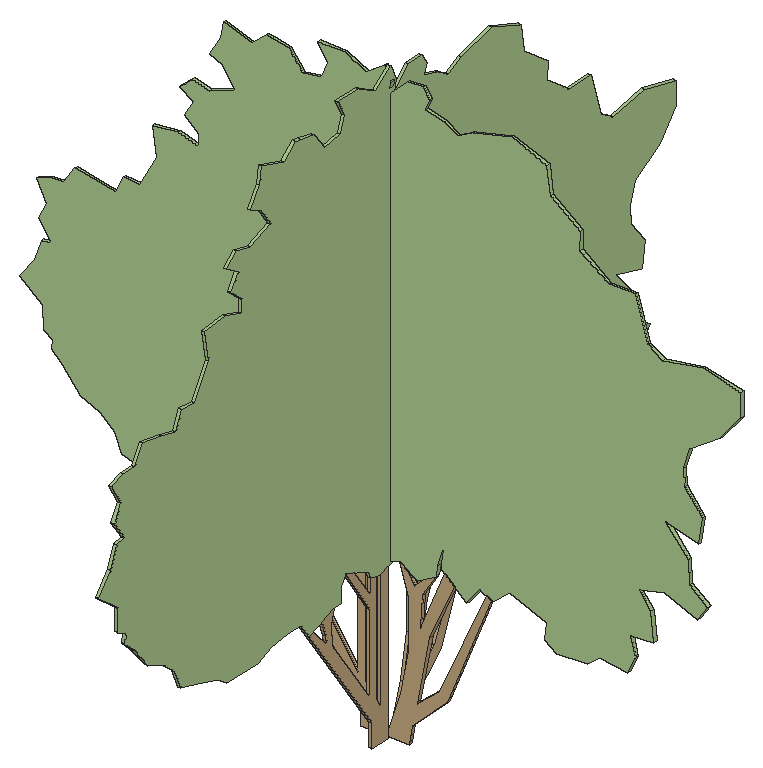
Revit family "L-PL낙엽관목_활매화", category 수목, Revit 2019
Family settings
  OmniClass 번호 = 23.40.05.00
  OmniClass 제목 = Plants and Planting Products
  작업 기준면 기반 = 아니오
  항상 수직 = 예
  로드될 때 보이드를 사용하여 절단 = 아니오
  렌더 모양 소스 = 패밀리 형상
  공유 = 아니오
Parameters (values of type "황매화")
  한국산업규격KS = ""
  조달청표준공사코드-세부공종 = "10161599202809"
  높이 = 1000 mm
  건설정보분류체계-부위분류 = "E985"
  LIM_INFO_주의사항 = "재배포, 재가공, 판매 금지"
  LIM_INFO_제작일 = "20211210"
  LIM_INFO_버전 = "2022_V01"
  LIM_INFO_PL_학명 = "Quercus myrsinaefolia Bl."
  LIM_INFO_PL_품명 = "가시나무"
  LIM_INFO_PL_주당인정수량 = 0
  LIM_INFO_PL_수목단위 = "주"
  LIM_INFO_PL_규격 = "5.0H X 18R"
  LIM_INFO_PL_구분 = "상록교목"
  LIM_INFO_PL_가격 = 0
  LIM_INFO_PL_Qty [instance] = 0
  LIM_INFO_PL_M2당수량 = 0
  KBIMS_식별-버전 = ""
  KBIMS_식별-bSK등록번호 = ""
  KBIMS_보급정보-저작자 = "림인포테크_MMJ"
  KBIMS_보급정보-보급코드 = ""
Reference planes
  plane 1 "중심(앞/뒤)": y = 0
  plane 2: z = 0
  plane 3 "중심(왼쪽/오른쪽)": x = 0
  plane 4: x = 482.5
  plane 5: x = -607.5
  plane 6: z = -545
  plane 7: z = -817.5
  plane 8: z = 5000
  plane 9: x = -100
  plane 10: x = 100
Dimensions and locks
  plane 4 to plane 5 = 1090 mm
  plane 6 to level = 545 mm
  plane 7 to plane 6 = 272.5 mm
  locked: level to plane 8 at 5000
  plane 9 to plane 10 = 200 mm
  aligned and locked: level to plane 2
Nested families
  nested 1: "황매화_base" at (0, 0, 0), type "황매화_base"
Definition of nested family "황매화_base"
  Parameters (values of type "황매화_base")
    Height = 6000 mm
  Reference planes
    plane 1 "중심(앞/뒤)": y = 0
    plane 2: z = 0
    plane 3 "중심(왼쪽/오른쪽)": x = 0
  Forms (mm)
    Revolve 1, solid, detail levels coarse
      sketch origin (0, 0, 0) x (1, 0, 0) y (0, 0, 1)
        loop
          line (0.01, 0) -> (0.01, 600) -> (-339.99, 600)
          arc (-339.99, 600) -> (-453.127, 553.137) -> (-499.99, 440) r 160
          line (-499.99, 440) -> (-499.99, 140)
          arc (-499.99, 140) -> (-476.558, 83.431) -> (-419.99, 60) r 80
          line (-419.99, 60) -> (-158.625, 60) -> (-158.625, 0) -> (0.01, 0)
        axis (0.01, 600) -> (0.01, 0)
      angle from 0 to 360
    Extrusion 2, solid, detail levels fine
      sketch origin (0, 0, 0) x (1, 0, 0) y (0, 0, 1)
        loop
          line (20.605, 261.875) -> (49.579, 244.397) -> (81.202, 261.992) -> (83.241, 278.848) -> (91.268, 302.472) -> (88.953, 273.937) -> (130.955, 240.516) -> (152.038, 267.012) -> (173.042, 257.292) -> (199.703, 279.17) -> (261.519, 257.153) -> (257.966, 230.874) -> (277.151, 218.09) -> (328.309, 220.221) -> (347.493, 235.846) -> (393.677, 230.874) -> (405.756, 256.443) -> (398.651, 286.272) -> (436.309, 289.823) -> (431.335, 333.857) -> (412.862, 358.715) -> (453.362, 368.658) -> (508.072, 348.772) -> (524.415, 372.209) -> (494.572, 394.936) -> (493.151, 431.158) -> (456.204, 473.771) -> (509.493, 459.567) -> (515.888, 500.05) -> (486.046, 535.561) -> (484.625, 562.549) -> (495.283, 594.509) -> (545.02, 627.18) -> (578.225, 668.596) -> (578.225, 705.477) -> (515.784, 719.662) -> (451.215, 708.314) -> (425.672, 723.208) -> (405.804, 789.168) -> (361.812, 788.459) -> (315.691, 821.084) -> (316.401, 849.454) -> (267.442, 884.916) -> (261.056, 926.762) -> (203.582, 948.039) -> (140.432, 931.726) -> (114.889, 918.96) -> (92.893, 931.017) -> (63.091, 939.528) -> (69.477, 954.422) -> (59.544, 970.735) -> (33.29, 969.316) -> (2.78, 939.528) -> (6.328, 958.678) -> (-2.897, 981.374) -> (-34.826, 959.387) -> (-69.594, 977.118) -> (-112.877, 977.118) -> (-97.267, 951.585) -> (-106.491, 927.471) -> (-138.421, 921.797) -> (-161.126, 950.167) -> (-187.38, 955.131) -> (-197.313, 956.55) -> (-221.438, 936.691) -> (-267.559, 951.585) -> (-271.816, 926.052) -> (-289.555, 896.973) -> (-268.978, 887.753) -> (-249.091, 857.943) -> (-290.018, 843.131) -> (-318.244, 849.479) -> (-339.414, 831.845) -> (-315.422, 817.033) -> (-330.946, 793.756) -> (-307.659, 774.007) -> (-307.659, 754.257) -> (-341.531, 764.132) -> (-383.164, 759.194) -> (-376.107, 714.052) -> (-405.039, 664.678) -> (-431.148, 666.794) -> (-443.85, 639.991) -> (-471.37, 645.634) -> (-510.181, 651.982) -> (-527.822, 625.179) -> (-548.991, 623.768) -> (-572.983, 615.304) -> (-556.048, 584.268) -> (-568.749, 558.876) -> (-547.58, 529.957) -> (-564.516, 527.135) -> (-576.512, 494.689) -> (-599.798, 463.654) -> (-562.399, 433.324) -> (-560.987, 397.352) -> (-546.169, 388.182) -> (-548.286, 374.075) -> (-529.939, 357.852) -> (-500.249, 322.316) -> (-469.2, 309.62) -> (-445.208, 289.165) -> (-433.212, 260.246) -> (-397.93, 250.371) -> (-357.708, 238.38) -> (-337.95, 225.684) -> (-275.147, 225.684) -> (-249.038, 237.674) -> (-214.294, 242.639) -> (-187.479, 242.639) -> (-170.696, 218.826) -> (-117.598, 239.156) -> (-106.353, 239.156) -> (-106.353, 264.294) -> (-96.744, 279.235) -> (-47.862, 261.187) -> (-44.471, 250.171) -> (-34.299, 247.629) -> (-23.278, 245.652) -> (-9.967, 251.993) -> (20.605, 261.875)
      from 0 to 5
    Extrusion 3, solid, detail levels fine
      sketch origin (0, 0, 0) x (1, 0, 0) y (0, 0, 1)
        loop
          line (-34.299, 69.688) -> (-34.299, 247.629) -> (-44.471, 250.171) -> (-44.188, 224.469) -> (-79.227, 272.767) -> (-95.248, 278.682) -> (-47.297, 205.262) -> (-47.297, 76.466) -> (-123.59, 185.773) -> (-126.698, 217.972) -> (-119.62, 238.382) -> (-145.63, 228.423) -> (-136.871, 205.545) -> (-134.61, 191.422) -> (-162.072, 222.128) -> (-170.696, 218.826) -> (-42.821, 37.383) -> (-42.821, 0) -> (-9.967, 0) -> (-9.967, 251.993) -> (-23.278, 245.652) -> (-24.126, 51.046) -> (-34.299, 69.688)
        loop
          line (170.856, 258.303) -> (163.061, 261.911) -> (85.917, 95.208) -> (49.797, 64.452) -> (70.309, 168.753) -> (110.514, 256.78) -> (94.25, 269.722) -> (54.689, 176.908) -> (57.759, 226.285) -> (81.202, 261.992) -> (59.611, 249.979) -> (44.76, 235.73) -> (35.092, 253.136) -> (20.605, 261.875) -> (35.526, 215.71) -> (35.526, 135.455) -> (22.737, 69.404) -> (0, 0) -> (36.237, 0) -> (41.921, 28.921) -> (98.763, 83.608) -> (170.856, 258.303)
      from 0 to 5
    Extrusion 4, solid, detail levels fine
      sketch origin (0, 0, 0) x (0, 1, 0) y (0, 0, 1)
        loop
          line (20.605, 261.875) -> (49.579, 244.397) -> (81.202, 261.992) -> (83.241, 278.848) -> (91.268, 302.472) -> (88.953, 273.937) -> (130.955, 240.516) -> (152.038, 267.012) -> (173.042, 257.292) -> (199.703, 279.17) -> (261.519, 257.153) -> (257.966, 230.874) -> (277.151, 218.09) -> (328.309, 220.221) -> (347.493, 235.846) -> (393.677, 230.874) -> (405.756, 256.443) -> (398.651, 286.272) -> (436.309, 289.823) -> (431.335, 333.857) -> (412.862, 358.715) -> (453.362, 368.658) -> (508.072, 348.772) -> (524.415, 372.209) -> (494.572, 394.936) -> (493.151, 431.158) -> (456.204, 473.771) -> (509.493, 459.567) -> (515.888, 500.05) -> (486.046, 535.561) -> (484.625, 562.549) -> (495.283, 594.509) -> (545.02, 627.18) -> (578.225, 668.596) -> (578.225, 705.477) -> (515.784, 719.662) -> (451.215, 708.314) -> (425.672, 723.208) -> (405.804, 789.168) -> (361.812, 788.459) -> (315.691, 821.084) -> (316.401, 849.454) -> (267.442, 884.916) -> (261.056, 926.762) -> (203.582, 948.039) -> (140.432, 931.726) -> (114.889, 918.96) -> (92.893, 931.017) -> (63.091, 939.528) -> (69.477, 954.422) -> (59.544, 970.735) -> (33.29, 969.316) -> (2.78, 939.528) -> (6.328, 958.678) -> (-2.897, 981.374) -> (-34.826, 959.387) -> (-69.594, 977.118) -> (-112.877, 977.118) -> (-97.267, 951.585) -> (-106.491, 927.471) -> (-138.421, 921.797) -> (-161.126, 950.167) -> (-187.38, 955.131) -> (-197.313, 956.55) -> (-221.438, 936.691) -> (-267.559, 951.585) -> (-271.816, 926.052) -> (-289.555, 896.973) -> (-268.978, 887.753) -> (-249.091, 857.943) -> (-290.018, 843.131) -> (-318.244, 849.479) -> (-339.414, 831.845) -> (-315.422, 817.033) -> (-330.946, 793.756) -> (-307.659, 774.007) -> (-307.659, 754.257) -> (-341.531, 764.132) -> (-383.164, 759.194) -> (-376.107, 714.052) -> (-405.039, 664.678) -> (-431.148, 666.794) -> (-443.85, 639.991) -> (-471.37, 645.634) -> (-510.181, 651.982) -> (-527.822, 625.179) -> (-548.991, 623.768) -> (-572.983, 615.304) -> (-556.048, 584.268) -> (-568.749, 558.876) -> (-547.58, 529.957) -> (-564.516, 527.135) -> (-576.512, 494.689) -> (-599.798, 463.654) -> (-562.399, 433.324) -> (-560.987, 397.352) -> (-546.169, 388.182) -> (-548.286, 374.075) -> (-529.939, 357.852) -> (-500.249, 322.316) -> (-469.2, 309.62) -> (-445.208, 289.165) -> (-433.212, 260.246) -> (-397.93, 250.371) -> (-357.708, 238.38) -> (-337.95, 225.684) -> (-275.147, 225.684) -> (-249.038, 237.674) -> (-214.294, 242.639) -> (-187.479, 242.639) -> (-170.696, 218.826) -> (-117.598, 239.156) -> (-106.353, 239.156) -> (-106.353, 264.294) -> (-96.744, 279.235) -> (-47.862, 261.187) -> (-44.471, 250.171) -> (-34.299, 247.629) -> (-23.278, 245.652) -> (-9.967, 251.993) -> (20.605, 261.875)
      from 0 to 5
    Extrusion 5, solid, detail levels fine
      sketch origin (0, 0, 0) x (0, 1, 0) y (0, 0, 1)
        loop
          line (-34.299, 69.688) -> (-34.299, 247.629) -> (-44.471, 250.171) -> (-44.188, 224.469) -> (-79.227, 272.767) -> (-95.248, 278.682) -> (-47.297, 205.262) -> (-47.297, 76.466) -> (-123.59, 185.773) -> (-126.698, 217.972) -> (-119.62, 238.382) -> (-145.63, 228.423) -> (-136.871, 205.545) -> (-134.61, 191.422) -> (-162.072, 222.128) -> (-170.696, 218.826) -> (-42.821, 37.383) -> (-42.821, 0) -> (-9.967, 0) -> (-9.967, 251.993) -> (-23.278, 245.652) -> (-24.126, 51.046) -> (-34.299, 69.688)
        loop
          line (170.856, 258.303) -> (163.061, 261.911) -> (85.917, 95.208) -> (49.797, 64.452) -> (70.309, 168.753) -> (110.514, 256.78) -> (94.25, 269.722) -> (54.689, 176.908) -> (57.759, 226.285) -> (81.202, 261.992) -> (59.611, 249.979) -> (44.76, 235.73) -> (35.092, 253.136) -> (20.605, 261.875) -> (35.526, 215.71) -> (35.526, 135.455) -> (22.737, 69.404) -> (0, 0) -> (36.237, 0) -> (41.921, 28.921) -> (98.763, 83.608) -> (170.856, 258.303)
      from 0 to 5
  Lines and regions (mm)
    symbolic lines
      curve 1: arc (8.994, -6.397, 0) -> (-235.84, 66.83, 0) -> (-458.657, -58.303, 0) r 327.219
      curve 2: arc (8.994, -6.397, 0) -> (-247.931, -10.806, 0) -> (-422.451, -199.412, 0) r 327.219
      curve 3: arc (8.994, -6.397, 0) -> (-235.828, -88.854, 0) -> (-344.541, -323.201, 0) r 327.219
      curve 4: arc (8.994, -6.397, 0) -> (-200.404, -159.849, 0) -> (-232.146, -417.505, 0) r 327.219
      curve 5: arc (8.994, -6.397, 0) -> (-144.895, -217.153, 0) -> (-95.708, -473.434, 0) r 327.219
      curve 6: arc (5.688, 0.152, 0) -> (209.614, 158.742, 0) -> (234.951, 415.831, 0) r 327.219
      curve 7: arc (5.688, 0.152, 0) -> (246.781, 89.053, 0) -> (349.33, 324.665, 0) r 327.219
      curve 8: arc (5.688, 0.152, 0) -> (260.973, 11.773, 0) -> (430.051, 203.393, 0) r 327.219
      curve 9: arc (5.688, 0.152, 0) -> (81.453, 249.869, 0) -> (-49.508, 475.587, 0) r 327.219
      curve 10: arc (5.688, 0.152, 0) -> (152.769, 214.146, 0) -> (97.663, 467.898, 0) r 327.219
      curve 11: arc (211.527, 404.134, 0) -> (160.196, 475.68, 0) -> (76.615, 447.969, 0) r 74.294
      curve 12: arc (76.615, 447.969, 0) -> (5.688, 500.152, 0) -> (-65.24, 447.969, 0) r 74.294
      curve 13: arc (-65.24, 447.969, 0) -> (-148.821, 475.68, 0) -> (-200.152, 404.134, 0) r 74.294
      curve 14: arc (-200.152, 404.134, 0) -> (-288.205, 404.66, 0) -> (-314.914, 320.754, 0) r 74.294
      curve 15: arc (-314.914, 320.754, 0) -> (-398.821, 294.044, 0) -> (-398.295, 205.991, 0) r 74.294
      curve 16: arc (-398.295, 205.991, 0) -> (-469.841, 154.66, 0) -> (-442.13, 71.079, 0) r 74.294
      curve 17: arc (-442.13, 71.079, 0) -> (-494.312, 0.152, 0) -> (-442.13, -70.776, 0) r 74.294
      curve 18: arc (-442.13, -70.776, 0) -> (-469.841, -154.357, 0) -> (-398.295, -205.688, 0) r 74.294
      curve 19: arc (-398.295, -205.688, 0) -> (-398.821, -293.741, 0) -> (-314.914, -320.451, 0) r 74.294
      curve 20: arc (-314.914, -320.451, 0) -> (-288.205, -404.357, 0) -> (-200.152, -403.831, 0) r 74.294
      curve 21: arc (-200.152, -403.831, 0) -> (-148.821, -475.377, 0) -> (-65.24, -447.666, 0) r 74.294
      curve 22: arc (-65.24, -447.666, 0) -> (5.688, -499.848, 0) -> (76.615, -447.666, 0) r 74.294
      curve 23: arc (76.615, -447.666, 0) -> (160.196, -475.377, 0) -> (211.527, -403.831, 0) r 74.294
      curve 24: arc (211.527, -403.831, 0) -> (299.58, -404.357, 0) -> (326.29, -320.451, 0) r 74.294
      curve 25: arc (326.29, -320.451, 0) -> (410.196, -293.741, 0) -> (409.67, -205.688, 0) r 74.294
      curve 26: arc (409.67, -205.688, 0) -> (481.216, -154.357, 0) -> (453.505, -70.776, 0) r 74.294
      curve 27: arc (453.505, -70.776, 0) -> (505.688, 0.152, 0) -> (453.505, 71.079, 0) r 74.294
      curve 28: arc (453.505, 71.079, 0) -> (481.216, 154.66, 0) -> (409.67, 205.991, 0) r 74.294
      curve 29: arc (409.67, 205.991, 0) -> (410.196, 294.044, 0) -> (326.29, 320.754, 0) r 74.294
      curve 30: arc (326.29, 320.754, 0) -> (299.58, 404.66, 0) -> (211.527, 404.134, 0) r 74.294
  Dimensions and locks
    aligned and locked: level to plane 2
